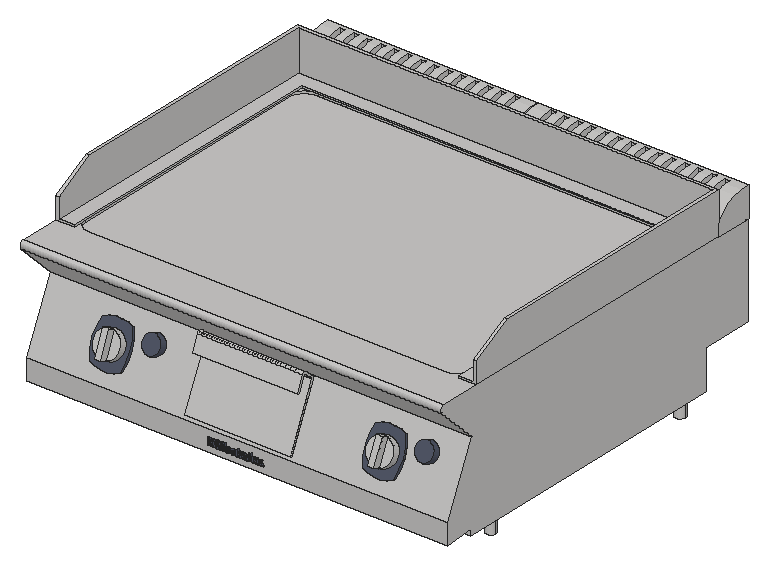
Revit family "QF_ELECTROLUXPROFESSIONAL_371413_E7IIKTAOMEI", category Attrezzature speciali, Revit 2018
Family settings
  Quota connettore circolare = Usa diametro
  Tipo di parte = Normale
  Basato su piano di lavoro = No
  Sempre verticale = Sì
  Taglio con vuoti quando caricato = No
  Condiviso = No
  Punto di calcolo locali = No
Parameters (values of type "Standard")
  Weight = 70.00 kg
  Watts = 0 W
  Volts = 0 V
  URL Manufacturer = "https://www.electroluxprofessional.com/"
  URL = "https://www.electroluxprofessional.com/"
  Steam Supply Size = 0"
  Steam Supply Minimum Pressure = 0.00 psi
  Steam Supply Maximum Pressure = 0.00 psi
  Steam Consumption per Hour = 0
  Show Logo [instance] = yes
  Show Clearance [instance] = yes
  Refrigeration Suction Line Size = 0 mm
  Refrigeration Liquid Line Size = 0 mm
  Refrigerant Compressor Remote = yes
  Phase = 0
  Modello = "E7IIKTAOMEI"
  Produttore = "Electrolux Professional"
  Length Actual = 800 mm  # constant formula
  Item Number = "371413"
  Hot Water Size = 0"
  Height Actual = 250 mm  # constant formula
  HP = "0 HP"
  Gas Size = 1/2"
  Gas KW = 14
  Gas Input Pressure = 0.469158 Btu/h
  Direct Waste Size = 0"
  Descrizione = "GAS FRY TOP-SMOOTH PLATE 800MM-BRUSHED CHROME - QMARK"
  Depth Actual = 730 mm  # constant formula
  Cycle = 0 Hz
  Condensate Return Size = 0"
  Compressed Air Volume = 0 GPM
  Compressed Air Size = 0"
  Compressed Air Pressure = 0.00 psi
  Cold Water Size = 0"
  Base Height [instance] = 23.813 mm  # constant formula
  Assembly Code = ""
  Accessory = yes
Values of the unnamed type that differ from the named types
  Weight = 0.00 kg
  URL Manufacturer = ""
  Item Number = ""
  HP = ""
  Gas KW = 0
  Gas Input Pressure = 0.0 Btu/h
Reference planes
  plane 1 "BACK": y = 0
  plane 2: z = 0
  plane 3 "LEFT": x = 0
  plane 4 "RIGHT": x = 800.1
  plane 5 "FRONT": y = -730.25
  plane 6 "TOP": z = 288.925
  plane 7 "Center Y": x = 400.05
  plane 8 "Center X": y = -365.125
  plane 9 "BASE": z = 23.813
  plane 10 "TOP A": z = 274.638
  plane 11: y = -597.884
  plane 12: y = -147.637
  plane 13: z = 355
Forms (mm)
  Extrusion 1, solid, material "QF_Finishes_Stainless Steel"
    sketch origin (0, 0, 0) x (0, 1, 0) y (0, 0, 1)
      loop
        line (0, 274.638) -> (-722.777, 274.638)
        arc (-722.777, 274.638) -> (-729.6, 270.078) -> (-727.999, 262.03) r 7.386
        line (-727.999, 262.03) -> (-657.416, 191.447) -> (-713.772, 69.003) -> (-713.772, 30.903) -> (-660.4, 36.513) -> (-660.4, 23.812) -> (-101.6, 23.812) -> (-101.6, 98.425) -> (0, 98.425) -> (0, 274.638)
    from 0 to 800.1
  Extrusion 2, void
    sketch origin (0, -2.381, 274.638) x (-1, 0, 0) y (0, -1, 0)
      loop
        arc (-60.425, 102.504) -> (-42.464, 109.943) -> (-35.025, 127.904) r 25.4
        line (-35.025, 127.904) -> (-35.025, 617.104)
        arc (-35.025, 617.104) -> (-42.464, 635.064) -> (-60.425, 642.504) r 25.4
        line (-60.425, 642.504) -> (-739.675, 642.504)
        arc (-739.675, 642.504) -> (-757.636, 635.064) -> (-765.075, 617.104) r 25.4
        line (-765.075, 617.104) -> (-765.075, 127.904)
        arc (-765.075, 127.904) -> (-757.636, 109.943) -> (-739.675, 102.504) r 25.4
        line (-739.675, 102.504) -> (-60.425, 102.504)
    from 0 to -3.2
  Extrusion 3, solid, material "QF_Finishes_Stainless Steel"
    sketch origin (0, 0, 0) x (1, 0, 0) y (0, 1, 0)
      loop
        circle (11.112, -147.638) r 9.525
      loop
        circle (11.112, -597.884) r 9.525
      loop
        circle (788.987, -147.638) r 9.525
      loop
        circle (788.987, -597.884) r 9.525
    from 0 to 23.813
  Extrusion 4, solid, material "QF_Finishes_Stainless Steel"
    sketch origin (0, -101.6, 101.6) x (0, 0, -1) y (-1, 0, 0)
      loop
        circle (43.882, -749.3) r 6.35
    from 0 to 3.175
  Extrusion 5, solid, material "QF_Finishes_Clearance", visible <- "Show Clearance", detail levels coarse
    sketch origin (0, 0, 0) x (1, 0, 0) y (0, 1, 0)
      loop
        line (0, -730.25) -> (0, 0) -> (800.1, 0) -> (800.1, -730.25) -> (950.119, -730.25) -> (950.119, 150.019) -> (-150.019, 150.019) -> (-150.019, -730.25) -> (0, -730.25)
    from 0 to 355
  Sweep 6, solid, material "QF_Finishes_Stainless Steel"
    path origin (0, -2.381, 274.638) x (-1, 0, 0) y (0, -1, 0)
      loop
        line (-765.075, 642.504) -> (-765.075, 102.504) -> (-35.025, 102.504) -> (-35.025, 642.504)
    profile origin (35.025, -374.885, 274.638) x (1, 0, 0) y (0, 0, 1)
      loop
        line (-35.025, 0) -> (0, 0) -> (0, 3.175) -> (-28.675, 3.175) -> (-28.675, 80.363) -> (-35.025, 80.362) -> (-35.025, 0)
  Extrusion 7, void
    sketch origin (0, -69.86, 274.638) x (0, 1, 0) y (0, 0, 1)
      loop
        line (-575.025, 40.481) -> (-501.995, 80.363) -> (-575.025, 80.363) -> (-575.025, 40.481)
    from 0 to 6.35
  Extrusion 8, void
    sketch origin (800.1, -644.885, 274.638) x (0, -1, 0) y (0, 0, 1)
      loop
        line (0, 40.481) -> (0, 80.362) -> (-73.03, 80.362) -> (0, 40.481)
    from 0 to 6.35
  Extrusion 9, solid, material "QF_Finishes_Stainless Steel"
    sketch origin (400.05, 175.397, 1219.2) x (0, 1, 0) y (0, 0, 1)
      loop
        line (-834.228, -1030.828) -> (-850.635, -1014.422)
        arc (-850.635, -1014.422) -> (-855.102, -1013.019) -> (-858.806, -1015.884) r 5.058
        line (-858.806, -1015.884) -> (-871.468, -1043.394) -> (-868.584, -1044.721) -> (-855.922, -1017.211)
        arc (-855.922, -1017.211) -> (-854.543, -1016.145) -> (-852.88, -1016.667) r 1.883
        line (-852.88, -1016.667) -> (-838.037, -1031.51) -> (-888.871, -1141.955) -> (-885.987, -1143.282) -> (-834.228, -1030.828)
    from 100 to -100
  Extrusion 10, solid, material "QF_Finishes_Drawer Clearance", visible <- "Show Clearance", detail levels coarse
    sketch origin (293.7, -101.6, 0) x (0, 1, 0) y (0, 0, 1)
      loop
        line (-660.751, 174.479) -> (-648.089, 201.989)
        arc (-648.089, 201.989) -> (-646.71, 203.055) -> (-645.046, 202.533) r 1.883
        line (-645.046, 202.533) -> (-630.204, 187.69) -> (-681.037, 77.245) -> (-678.153, 75.918) -> (-608.989, 75.918) -> (-557.231, 188.372) -> (-573.638, 204.778)
        arc (-573.638, 204.778) -> (-574.873, 205.685) -> (-576.323, 206.181) r 5.058
        line (-576.323, 206.181) -> (-647.269, 206.181)
        arc (-647.269, 206.181) -> (-649.472, 205.203) -> (-650.973, 203.316) r 5.058
        line (-650.973, 203.316) -> (-663.635, 175.806) -> (-660.751, 174.479)
    from 6.35 to 206.35
  Extrusion 11, solid, material "QF_Finishes_Navy Blue"
    sketch origin (-399.27, -713.772, 69.003) x (0, 0.418102, 0.9084) y (-1, 0, 0)
      loop
        arc (102.623, -510.47) -> (67.041, -502.846) -> (31.333, -509.853) r 90.5
        arc (31.333, -509.853) -> (24.507, -539.04) -> (31.333, -568.228) r 65.817
        arc (31.333, -568.228) -> (67.04, -575.188) -> (102.623, -567.615) r 91.066
        arc (102.623, -567.615) -> (109.179, -539.043) -> (102.623, -510.47) r 65.546
    from 0 to 3.175
  Extrusion 12, solid, material "QF_Finishes_Stainless Steel"
    sketch origin (-20.52, -717.485, 68.529) x (0, 0.418102, 0.9084) y (-1, 0, 0)
      loop
        circle (68.826, -160.963) r 25.4
    from 0 to 12.7
  Extrusion 13, solid, material "QF_Finishes_Stainless Steel"
    sketch origin (-20.52, -729.022, 73.839) x (0, 0.418102, 0.9084) y (-1, 0, 0)
      loop
        arc (93.558, -166.749) -> (94.226, -160.963) -> (93.558, -155.177) r 25.4
        line (93.558, -155.177) -> (44.094, -155.177)
        arc (44.094, -155.177) -> (43.426, -160.963) -> (44.094, -166.749) r 25.4
        line (44.094, -166.749) -> (93.558, -166.749)
    from 0 to 12.7
  Extrusion 14, solid, material "QF_Finishes_Navy Blue"
    sketch origin (97.744, -713.772, 69.003) x (0, 0.418102, 0.9084) y (-1, 0, 0)
      loop
        arc (102.623, -532.67) -> (67.041, -525.046) -> (31.333, -532.053) r 90.5
        arc (31.333, -532.053) -> (24.507, -561.24) -> (31.333, -590.428) r 65.817
        arc (31.333, -590.428) -> (67.04, -597.388) -> (102.623, -589.815) r 91.066
        arc (102.623, -589.815) -> (109.179, -561.243) -> (102.623, -532.67) r 65.546
    from 0 to 3.175
  Extrusion 15, solid, material "QF_Finishes_Stainless Steel"
    sketch origin (498.994, -717.485, 68.529) x (0, 0.418102, 0.9084) y (-1, 0, 0)
      loop
        circle (68.826, -160.963) r 25.4
    from 0 to 12.7
  Extrusion 16, solid, material "QF_Finishes_Stainless Steel"
    sketch origin (498.994, -729.022, 73.839) x (0, 0.418102, 0.9084) y (-1, 0, 0)
      loop
        arc (93.558, -166.749) -> (94.226, -160.963) -> (93.558, -155.177) r 25.4
        line (93.558, -155.177) -> (44.094, -155.177)
        arc (44.094, -155.177) -> (43.426, -160.963) -> (44.094, -166.749) r 25.4
        line (44.094, -166.749) -> (93.558, -166.749)
    from 0 to 12.7
  Extrusion 17, solid, material "QF_Finishes_Navy Blue"
    sketch origin (-100, -703.319, 91.713) x (0, 0.418102, 0.9084) y (-1, 0, 0)
      loop
        circle (65.471, -315.169) r 17.78
    from 0 to 12.7
  Extrusion 18, solid, material "QF_Finishes_Navy Blue"
    sketch origin (397.014, -703.319, 91.713) x (0, 0.418102, 0.9084) y (-1, 0, 0)
      loop
        circle (65.471, -337.369) r 17.78
    from 0 to 12.7
  Extrusion 19, solid, material "QF_Finishes_Stainless Steel"
    sketch origin (0, 0, 0) x (0, 1, 0) y (0, 0, 1)
      loop
        line (0, 274.638) -> (0, 331.738)
        arc (0, 331.738) -> (-38.857, 324.552) -> (-69.85, 300.038) r 82.056
        line (-69.85, 300.038) -> (-69.85, 274.638) -> (0, 274.638)
    from 0 to 400.05
  Extrusion 20, void
    sketch origin (0, 0, 274.638) x (0, -1, 0) y (1, 0, 0)
      loop
        line (6.761, 29.703) -> (63.911, 29.703) -> (63.911, 38.999) -> (6.761, 38.999) -> (6.761, 29.703)
      loop
        line (63.911, 64.487) -> (6.761, 64.487) -> (6.761, 55.191) -> (63.911, 55.191) -> (63.911, 64.487)
      loop
        line (63.911, 89.975) -> (6.761, 89.975) -> (6.761, 80.68) -> (63.911, 80.68) -> (63.911, 89.975)
      loop
        line (63.911, 115.464) -> (6.761, 115.464) -> (6.761, 106.168) -> (63.911, 106.168) -> (63.911, 115.464)
      loop
        line (63.911, 140.952) -> (6.761, 140.952) -> (6.761, 131.656) -> (63.911, 131.656) -> (63.911, 140.952)
      loop
        line (63.911, 166.44) -> (6.761, 166.44) -> (6.761, 157.145) -> (63.911, 157.145) -> (63.911, 166.44)
      loop
        line (63.911, 191.929) -> (6.761, 191.929) -> (6.761, 182.633) -> (63.911, 182.633) -> (63.911, 191.929)
      loop
        line (63.911, 217.417) -> (6.761, 217.417) -> (6.761, 208.121) -> (63.911, 208.121) -> (63.911, 217.417)
      loop
        line (63.911, 242.905) -> (6.761, 242.905) -> (6.761, 233.61) -> (63.911, 233.61) -> (63.911, 242.905)
      loop
        line (63.911, 268.394) -> (6.761, 268.394) -> (6.761, 259.098) -> (63.911, 259.098) -> (63.911, 268.394)
      loop
        line (63.911, 293.882) -> (6.761, 293.882) -> (6.761, 284.586) -> (63.911, 284.586) -> (63.911, 293.882)
      loop
        line (63.911, 319.37) -> (6.761, 319.37) -> (6.761, 310.075) -> (63.911, 310.075) -> (63.911, 319.37)
      loop
        line (63.911, 344.859) -> (6.761, 344.859) -> (6.761, 335.563) -> (63.911, 335.563) -> (63.911, 344.859)
      loop
        line (63.911, 370.347) -> (6.761, 370.347) -> (6.761, 361.051) -> (63.911, 361.051) -> (63.911, 370.347)
    from 25.4 to 63.5
  Extrusion 21, solid, material "QF_Finishes_Stainless Steel"
    sketch origin (400.05, 0, 0) x (0, 1, 0) y (0, 0, 1)
      loop
        line (0, 274.638) -> (0, 331.738)
        arc (0, 331.738) -> (-38.857, 324.552) -> (-69.85, 300.038) r 82.056
        line (-69.85, 300.038) -> (-69.85, 274.638) -> (0, 274.638)
    from 0 to 400.05
  Extrusion 22, void
    sketch origin (400.05, 0, 274.638) x (0, -1, 0) y (1, 0, 0)
      loop
        line (6.761, 29.703) -> (63.911, 29.703) -> (63.911, 38.999) -> (6.761, 38.999) -> (6.761, 29.703)
      loop
        line (63.911, 64.487) -> (6.761, 64.487) -> (6.761, 55.191) -> (63.911, 55.191) -> (63.911, 64.487)
      loop
        line (63.911, 89.975) -> (6.761, 89.975) -> (6.761, 80.68) -> (63.911, 80.68) -> (63.911, 89.975)
      loop
        line (63.911, 115.464) -> (6.761, 115.464) -> (6.761, 106.168) -> (63.911, 106.168) -> (63.911, 115.464)
      loop
        line (63.911, 140.952) -> (6.761, 140.952) -> (6.761, 131.656) -> (63.911, 131.656) -> (63.911, 140.952)
      loop
        line (63.911, 166.44) -> (6.761, 166.44) -> (6.761, 157.145) -> (63.911, 157.145) -> (63.911, 166.44)
      loop
        line (63.911, 191.929) -> (6.761, 191.929) -> (6.761, 182.633) -> (63.911, 182.633) -> (63.911, 191.929)
      loop
        line (63.911, 217.417) -> (6.761, 217.417) -> (6.761, 208.121) -> (63.911, 208.121) -> (63.911, 217.417)
      loop
        line (63.911, 242.905) -> (6.761, 242.905) -> (6.761, 233.61) -> (63.911, 233.61) -> (63.911, 242.905)
      loop
        line (63.911, 268.394) -> (6.761, 268.394) -> (6.761, 259.098) -> (63.911, 259.098) -> (63.911, 268.394)
      loop
        line (63.911, 293.882) -> (6.761, 293.882) -> (6.761, 284.586) -> (63.911, 284.586) -> (63.911, 293.882)
      loop
        line (63.911, 319.37) -> (6.761, 319.37) -> (6.761, 310.075) -> (63.911, 310.075) -> (63.911, 319.37)
      loop
        line (63.911, 344.859) -> (6.761, 344.859) -> (6.761, 335.563) -> (63.911, 335.563) -> (63.911, 344.859)
      loop
        line (63.911, 370.347) -> (6.761, 370.347) -> (6.761, 361.051) -> (63.911, 361.051) -> (63.911, 370.347)
    from 25.4 to 63.5
  Extrusion 23, solid, material "QF_Finishes_Navy Blue", visible <- "Show Logo"
    sketch origin (57.669, -713.772, 35.665) x (0, 0, 1) y (-1, 0, 0)
      loop
        line (20.674, -296.698) -> (8.307, -296.698)
        arc (8.307, -296.698) -> (14.491, -301.27) -> (20.674, -296.698) r 6.467
      loop
        arc (20.674, -296.069) -> (19.505, -290.926) -> (14.849, -288.448) r 6.338
        line (14.849, -288.448) -> (14.849, -290.494)
        arc (14.849, -290.494) -> (16.333, -294.149) -> (19.778, -296.069) r 5.941
        line (19.778, -296.069) -> (20.674, -296.069)
      loop
        arc (9.203, -296.069) -> (12.648, -294.149) -> (14.132, -290.494) r 5.941
        line (14.132, -290.494) -> (14.132, -288.448)
        arc (14.132, -288.448) -> (9.438, -290.922) -> (8.148, -296.069) r 6.504
        line (8.148, -296.069) -> (9.203, -296.069)
      loop
        line (21.349, -287.979) -> (7.604, -287.979) -> (7.604, -301.742) -> (21.349, -301.742) -> (21.349, -287.979)
      loop
        arc (21.432, -304.71) -> (21.085, -304.352) -> (20.718, -304.69) r 0.358
        arc (20.718, -304.69) -> (20.404, -305.44) -> (19.687, -305.825) r 1.216
        line (19.687, -305.825) -> (9.274, -305.825)
        arc (9.274, -305.825) -> (8.614, -305.548) -> (8.218, -304.951) r 1.238
        arc (8.218, -304.951) -> (7.823, -304.7) -> (7.518, -305.054) r 0.358
        line (7.518, -305.054) -> (7.518, -314.933) -> (10.269, -314.933) -> (10.269, -314.036)
        arc (10.269, -314.036) -> (9.36, -313.456) -> (8.904, -312.479) r 1.928
        line (8.904, -312.479) -> (8.904, -309.98)
        arc (8.904, -309.98) -> (9.18, -309.251) -> (9.868, -308.887) r 1.101
        line (9.868, -308.887) -> (13.955, -308.887) -> (13.955, -312.561)
        arc (13.955, -312.561) -> (13.602, -313.058) -> (13.037, -313.286) r 1.083
        arc (13.037, -313.286) -> (12.773, -313.591) -> (13.065, -313.869) r 0.292
        line (13.065, -313.869) -> (16.028, -313.869)
        arc (16.028, -313.869) -> (16.33, -313.596) -> (16.092, -313.266) r 0.305
        arc (16.092, -313.266) -> (15.601, -313.018) -> (15.296, -312.561) r 1.083
        line (15.296, -312.561) -> (15.296, -308.887) -> (19.973, -308.887) -> (19.973, -312.635)
        arc (19.973, -312.635) -> (19.759, -313.39) -> (19.153, -313.888) r 1.314
        arc (19.153, -313.888) -> (18.934, -314.292) -> (19.288, -314.585) r 0.361
        line (19.288, -314.585) -> (21.432, -314.585) -> (21.432, -304.71)
      loop
        arc (20.715, -315.365) -> (20.335, -316.284) -> (19.416, -316.664) r 1.299
        line (19.416, -316.664) -> (9.837, -316.664)
        arc (9.837, -316.664) -> (8.999, -316.286) -> (8.728, -315.408) r 1.118
        line (8.728, -315.408) -> (7.518, -315.408) -> (7.518, -320.758) -> (8.706, -320.758)
        arc (8.706, -320.758) -> (8.978, -319.841) -> (9.848, -319.445) r 1.153
        line (9.848, -319.445) -> (21.92, -319.445) -> (20.715, -315.365)
      loop
        line (12.483, -323.394) -> (12.483, -329.842) -> (13.282, -329.842)
        arc (13.282, -329.842) -> (15.862, -328.857) -> (17.131, -326.404) r 3.874
        line (17.131, -326.404) -> (17.131, -324.643)
        arc (17.131, -324.643) -> (15.944, -321.778) -> (13.08, -320.592) r 4.051
        line (13.08, -320.592) -> (11.072, -320.592)
        arc (11.072, -320.592) -> (8.253, -322.077) -> (7.202, -325.084) r 4.352
        arc (7.202, -325.084) -> (7.566, -327.547) -> (8.943, -329.621) r 5.713
        line (8.943, -329.621) -> (9.892, -329.621)
        arc (9.892, -329.621) -> (9.16, -328.052) -> (8.943, -326.334) r 5.579
        arc (8.943, -326.334) -> (9.737, -324.371) -> (11.616, -323.394) r 3.057
        line (11.616, -323.394) -> (12.483, -323.394)
      loop
        line (13.742, -323.394) -> (13.742, -326.977)
        arc (13.742, -326.977) -> (15.199, -327.024) -> (16.082, -325.864) r 1.59
        line (16.082, -325.864) -> (16.082, -325.034)
        arc (16.082, -325.034) -> (15.217, -323.779) -> (13.742, -323.394) r 2.184
      loop
        arc (16.533, -339.259) -> (17.022, -337.585) -> (17.179, -335.848) r 9.023
        line (17.179, -335.848) -> (17.179, -334.486)
        arc (17.179, -334.486) -> (16.02, -331.686) -> (13.22, -330.527) r 3.959
        line (13.22, -330.527) -> (10.62, -330.527)
        arc (10.62, -330.527) -> (8.338, -331.819) -> (7.221, -334.192) r 4.331
        line (7.221, -334.192) -> (7.221, -336.327)
        arc (7.221, -336.327) -> (7.729, -337.877) -> (8.651, -339.223) r 5.772
        arc (8.651, -339.223) -> (9.412, -339.274) -> (9.499, -338.515) r 0.553
        arc (9.499, -338.515) -> (9.111, -337.781) -> (8.977, -336.962) r 2.573
        line (8.977, -336.962) -> (8.977, -335.447)
        arc (8.977, -335.447) -> (9.983, -333.806) -> (11.798, -333.163) r 2.884
        line (11.798, -333.163) -> (13.077, -333.163)
        arc (13.077, -333.163) -> (14.898, -333.723) -> (15.824, -335.388) r 2.554
        line (15.824, -335.388) -> (15.824, -336.441)
        arc (15.824, -336.441) -> (15.493, -337.369) -> (14.836, -338.104) r 2.564
        arc (14.836, -338.104) -> (14.614, -338.821) -> (15.223, -339.259) r 0.643
        line (15.223, -339.259) -> (16.533, -339.259)
      loop
        line (15.515, -339.53) -> (15.515, -341.031) -> (9.467, -341.031)
        arc (9.467, -341.031) -> (7.879, -341.688) -> (7.221, -343.276) r 2.246
        line (7.221, -343.276) -> (7.221, -344.86)
        arc (7.221, -344.86) -> (7.535, -345.725) -> (8.035, -346.496) r 4.06
        arc (8.035, -346.496) -> (8.768, -346.629) -> (9.019, -345.928) r 0.576
        arc (9.019, -345.928) -> (8.913, -345.403) -> (8.977, -344.87) r 1.69
        arc (8.977, -344.87) -> (9.519, -344.082) -> (10.425, -343.779) r 1.506
        line (10.425, -343.779) -> (15.563, -343.779) -> (15.563, -346.176) -> (16.119, -346.733) -> (16.941, -346.733) -> (16.941, -343.873) -> (20.172, -343.873) -> (15.515, -339.53)
      loop
        line (7.438, -347.63) -> (7.438, -353.017) -> (8.548, -353.017)
        arc (8.548, -353.017) -> (8.942, -352.066) -> (9.893, -351.672) r 1.345
        line (9.893, -351.672) -> (13.509, -351.672)
        arc (13.509, -351.672) -> (14.274, -352.264) -> (14.564, -353.186) r 1.615
        line (14.564, -353.186) -> (14.564, -354.742) -> (17.119, -355.427) -> (17.119, -354.044) -> (15.177, -351.485) -> (17.057, -351.485) -> (16.773, -348.779)
        arc (16.773, -348.779) -> (16.333, -348.249) -> (15.674, -348.45) r 0.621
        arc (15.674, -348.45) -> (15.274, -348.792) -> (14.78, -348.975) r 1.501
        line (14.78, -348.975) -> (9.893, -348.975)
        arc (9.893, -348.975) -> (8.942, -348.581) -> (8.548, -347.63) r 1.345
        line (8.548, -347.63) -> (7.438, -347.63)
      loop
        line (13.54, -354.964) -> (10.848, -354.964)
        arc (10.848, -354.964) -> (8.403, -356.272) -> (7.269, -358.803) r 4.288
        arc (7.269, -358.803) -> (7.205, -360.183) -> (7.269, -361.563) r 15.022
        arc (7.269, -361.563) -> (8.403, -364.094) -> (10.848, -365.401) r 4.288
        line (10.848, -365.401) -> (13.54, -365.401)
        arc (13.54, -365.401) -> (15.986, -364.094) -> (17.119, -361.563) r 4.288
        arc (17.119, -361.563) -> (17.183, -360.183) -> (17.119, -358.803) r 15.022
        arc (17.119, -358.803) -> (15.986, -356.272) -> (13.54, -354.964) r 4.288
      loop
        line (13.745, -358.078) -> (10.643, -358.078)
        arc (10.643, -358.078) -> (8.486, -360.235) -> (10.643, -362.392) r 2.157
        line (10.643, -362.392) -> (13.745, -362.392)
        arc (13.745, -362.392) -> (15.902, -360.235) -> (13.745, -358.078) r 2.157
      loop
        arc (20.726, -365.26) -> (20.355, -366.154) -> (19.461, -366.524) r 1.264
        line (19.461, -366.524) -> (9.597, -366.524)
        arc (9.597, -366.524) -> (8.727, -366.127) -> (8.455, -365.211) r 1.153
        line (8.455, -365.211) -> (7.518, -365.211) -> (7.518, -370.319) -> (8.446, -370.319)
        arc (8.446, -370.319) -> (8.805, -369.547) -> (9.597, -369.232) r 1.153
        line (9.597, -369.232) -> (21.92, -369.232) -> (20.726, -365.26)
      loop
        arc (15.846, -369.857) -> (15.647, -370.921) -> (14.678, -371.403) r 1.215
        line (14.678, -371.403) -> (9.658, -371.403)
        arc (9.658, -371.403) -> (8.043, -372.051) -> (7.322, -373.634) r 2.338
        line (7.322, -373.634) -> (7.322, -375.148)
        arc (7.322, -375.148) -> (7.497, -376.152) -> (7.999, -377.038) r 2.979
        line (7.999, -377.038) -> (7.518, -378.835) -> (7.518, -380.524) -> (16.943, -380.524) -> (16.649, -376.32) -> (15.863, -376.32)
        arc (15.863, -376.32) -> (15.507, -377.156) -> (14.755, -377.665) r 1.605
        line (14.755, -377.665) -> (9.652, -377.665)
        arc (9.652, -377.665) -> (9.232, -376.728) -> (9.159, -375.704) r 2.94
        arc (9.159, -375.704) -> (9.72, -374.603) -> (10.873, -374.16) r 1.724
        line (10.873, -374.16) -> (17.07, -374.16) -> (15.846, -369.857)
      loop
        line (16.874, -381.377) -> (15.202, -383.423) -> (12.028, -385.729) -> (8.572, -382.617)
        arc (8.572, -382.617) -> (8.335, -382.223) -> (8.357, -381.764) r 0.789
        line (8.357, -381.764) -> (7.518, -381.764) -> (7.518, -385.309) -> (8.344, -385.309)
        arc (8.344, -385.309) -> (8.686, -384.947) -> (9.176, -385.039) r 0.52
        line (9.176, -385.039) -> (10.976, -386.51) -> (8.858, -387.886)
        arc (8.858, -387.886) -> (8.457, -387.576) -> (8.37, -387.076) r 0.7
        line (8.37, -387.076) -> (7.518, -387.076) -> (7.518, -393.003) -> (8.405, -393.003)
        arc (8.405, -393.003) -> (8.472, -392.344) -> (8.866, -391.813) r 1.247
        line (8.866, -391.813) -> (13.066, -388.532) -> (15.513, -390.585) -> (16.874, -392.327) -> (16.874, -388.604) -> (15.389, -389.026) -> (13.868, -387.749) -> (15.568, -386.559) -> (16.874, -387.336) -> (16.874, -381.377)
    from 0 to 1.644
Cuts and joins
  Extrusion 2 cuts Extrusion 1
  Extrusion 7, Extrusion 8 cuts Sweep 6
  Extrusion 20 cuts Extrusion 19
  Extrusion 22 cuts Extrusion 21
Lines and regions (mm)
  symbolic lines, style "QF-Clearances", visible <- "Show Clearance", detail levels coarse
    curve 1: line (-150.019, 150.019, 274.638) -> (-150.019, -730.25, 274.638)
    curve 2: line (950.119, 150.019, 274.638) -> (-150.019, 150.019, 274.638)
    curve 3: line (950.119, -731.627, 274.638) -> (950.119, 150.019, 274.638)
  symbolic lines
    curve 4: line (0, 0, 274.638) -> (800.1, 0, 274.638)
    curve 5: line (0, -730.25, 274.638) -> (0, 0, 274.638)
    curve 6: line (800.1, 0, 274.638) -> (800.1, -730.25, 274.638)
    curve 7: line (35.025, -104.885, 274.638) -> (35.025, -644.885, 274.638)
    curve 8: arc (35.025, -619.485, 274.638) -> (42.464, -637.445, 274.638) -> (60.425, -644.885, 274.638) r 25.4
    curve 9: line (0, -644.885, 274.638) -> (35.025, -644.885, 274.638)
    curve 10: arc (739.315, -644.885, 274.638) -> (757.836, -637.213, 274.638) -> (765.507, -618.692, 274.638) r 26.193
    curve 11: line (765.507, -644.885, 274.638) -> (765.507, -104.885, 274.638)
    curve 12: line (765.507, -104.885, 274.638) -> (35.025, -104.885, 274.638)
    curve 13: line (0, -69.85, 274.638) -> (800.1, -69.85, 274.638)
    curve 14: line (800.1, -730.25, 274.638) -> (0, -730.25, 274.638)
    curve 15: arc (64.125, -104.885, 274.638) -> (43.548, -113.408, 274.638) -> (35.025, -133.985, 274.638) r 29.1
    curve 16: arc (739.963, -104.885, 274.638) -> (758.026, -112.367, 274.638) -> (765.507, -130.429, 274.638) r 25.544
    curve 17: line (6.35, -76.21, 274.638) -> (6.35, -644.885, 274.638)
    curve 18: line (6.35, -76.21, 274.638) -> (793.75, -76.21, 274.638)
    curve 19: line (793.75, -76.21, 274.638) -> (793.75, -644.885, 274.638)
    curve 20: line (765.507, -644.885, 274.638) -> (800.1, -644.885, 274.638)
    curve 21: line (60.425, -644.885, 274.638) -> (739.315, -644.885, 274.638)
    curve 25: line (0, 0, 274.638) -> (800.1, 0, 274.638)
    curve 26: line (0, -69.85, 274.638) -> (800.1, -69.85, 274.638)
    curve 27: line (29.703, -6.761, 0) -> (38.999, -6.761, 0)
    curve 28: line (29.703, -63.911, 0) -> (29.703, -6.761, 0)
    curve 29: line (38.999, -63.911, 0) -> (29.703, -63.911, 0)
    curve 30: line (38.999, -6.761, 0) -> (38.999, -63.911, 0)
    curve 31: line (55.191, -6.761, 0) -> (64.487, -6.761, 0)
    curve 32: line (55.191, -63.911, 0) -> (55.191, -6.761, 0)
    curve 33: line (64.487, -63.911, 0) -> (55.191, -63.911, 0)
    curve 34: line (64.487, -6.761, 0) -> (64.487, -63.911, 0)
    curve 35: line (80.68, -6.761, 0) -> (89.975, -6.761, 0)
    curve 36: line (80.68, -63.911, 0) -> (80.68, -6.761, 0)
    curve 37: line (89.975, -63.911, 0) -> (80.68, -63.911, 0)
    curve 38: line (89.975, -6.761, 0) -> (89.975, -63.911, 0)
    curve 39: line (106.168, -6.761, 0) -> (115.464, -6.761, 0)
    curve 40: line (106.168, -63.911, 0) -> (106.168, -6.761, 0)
    curve 41: line (115.464, -63.911, 0) -> (106.168, -63.911, 0)
    curve 42: line (115.464, -6.761, 0) -> (115.464, -63.911, 0)
    curve 43: line (131.656, -6.761, 0) -> (140.952, -6.761, 0)
    curve 44: line (131.656, -63.911, 0) -> (131.656, -6.761, 0)
    curve 45: line (140.952, -63.911, 0) -> (131.656, -63.911, 0)
    curve 46: line (140.952, -6.761, 0) -> (140.952, -63.911, 0)
    curve 47: line (157.145, -6.761, 0) -> (166.44, -6.761, 0)
    curve 48: line (157.145, -63.911, 0) -> (157.145, -6.761, 0)
    curve 49: line (166.44, -63.911, 0) -> (157.145, -63.911, 0)
    curve 50: line (166.44, -6.761, 0) -> (166.44, -63.911, 0)
    curve 51: line (182.633, -6.761, 0) -> (191.929, -6.761, 0)
    curve 52: line (182.633, -63.911, 0) -> (182.633, -6.761, 0)
    curve 53: line (191.929, -63.911, 0) -> (182.633, -63.911, 0)
    curve 54: line (191.929, -6.761, 0) -> (191.929, -63.911, 0)
    curve 55: line (208.121, -6.761, 0) -> (217.417, -6.761, 0)
    curve 56: line (208.121, -63.911, 0) -> (208.121, -6.761, 0)
    curve 57: line (217.417, -63.911, 0) -> (208.121, -63.911, 0)
    curve 58: line (217.417, -6.761, 0) -> (217.417, -63.911, 0)
    curve 59: line (233.61, -6.761, 0) -> (242.905, -6.761, 0)
    curve 60: line (233.61, -63.911, 0) -> (233.61, -6.761, 0)
    curve 61: line (242.905, -63.911, 0) -> (233.61, -63.911, 0)
    curve 62: line (242.905, -6.761, 0) -> (242.905, -63.911, 0)
    curve 63: line (259.098, -6.761, 0) -> (268.394, -6.761, 0)
    curve 64: line (259.098, -63.911, 0) -> (259.098, -6.761, 0)
    curve 65: line (268.394, -63.911, 0) -> (259.098, -63.911, 0)
    curve 66: line (268.394, -6.761, 0) -> (268.394, -63.911, 0)
    curve 67: line (284.586, -6.761, 0) -> (293.882, -6.761, 0)
    curve 68: line (284.586, -63.911, 0) -> (284.586, -6.761, 0)
    curve 69: line (293.882, -63.911, 0) -> (284.586, -63.911, 0)
    curve 70: line (293.882, -6.761, 0) -> (293.882, -63.911, 0)
    curve 71: line (310.075, -6.761, 0) -> (319.37, -6.761, 0)
    curve 72: line (310.075, -63.911, 0) -> (310.075, -6.761, 0)
    curve 73: line (319.37, -63.911, 0) -> (310.075, -63.911, 0)
    curve 74: line (319.37, -6.761, 0) -> (319.37, -63.911, 0)
    curve 75: line (335.563, -6.761, 0) -> (344.859, -6.761, 0)
    curve 76: line (335.563, -63.911, 0) -> (335.563, -6.761, 0)
    curve 77: line (344.859, -63.911, 0) -> (335.563, -63.911, 0)
    curve 78: line (344.859, -6.761, 0) -> (344.859, -63.911, 0)
    curve 79: line (361.051, -6.761, 0) -> (370.347, -6.761, 0)
    curve 80: line (361.051, -63.911, 0) -> (361.051, -6.761, 0)
    curve 81: line (370.347, -63.911, 0) -> (361.051, -63.911, 0)
    curve 82: line (370.347, -6.761, 0) -> (370.347, -63.911, 0)
    curve 83: line (400.05, 0, 0) -> (400.05, -69.85, 0)
    curve 84: line (770.397, -6.761, 0) -> (761.101, -6.761, 0)
    curve 85: line (770.397, -63.911, 0) -> (770.397, -6.761, 0)
    curve 86: line (761.101, -63.911, 0) -> (770.397, -63.911, 0)
    curve 87: line (761.101, -6.761, 0) -> (761.101, -63.911, 0)
    curve 88: line (744.909, -6.761, 0) -> (735.613, -6.761, 0)
    curve 89: line (744.909, -63.911, 0) -> (744.909, -6.761, 0)
    curve 90: line (735.613, -63.911, 0) -> (744.909, -63.911, 0)
    curve 91: line (735.613, -6.761, 0) -> (735.613, -63.911, 0)
    curve 92: line (719.42, -6.761, 0) -> (710.125, -6.761, 0)
    curve 93: line (719.42, -63.911, 0) -> (719.42, -6.761, 0)
    curve 94: line (710.125, -63.911, 0) -> (719.42, -63.911, 0)
    curve 95: line (710.125, -6.761, 0) -> (710.125, -63.911, 0)
    curve 96: line (693.932, -6.761, 0) -> (684.636, -6.761, 0)
    curve 97: line (693.932, -63.911, 0) -> (693.932, -6.761, 0)
    curve 98: line (684.636, -63.911, 0) -> (693.932, -63.911, 0)
    curve 99: line (684.636, -6.761, 0) -> (684.636, -63.911, 0)
    curve 100: line (668.444, -6.761, 0) -> (659.148, -6.761, 0)
    curve 101: line (668.444, -63.911, 0) -> (668.444, -6.761, 0)
    curve 102: line (659.148, -63.911, 0) -> (668.444, -63.911, 0)
    curve 103: line (659.148, -6.761, 0) -> (659.148, -63.911, 0)
    curve 104: line (642.955, -6.761, 0) -> (633.66, -6.761, 0)
    curve 105: line (642.955, -63.911, 0) -> (642.955, -6.761, 0)
    curve 106: line (633.66, -63.911, 0) -> (642.955, -63.911, 0)
    curve 107: line (633.66, -6.761, 0) -> (633.66, -63.911, 0)
    curve 108: line (617.467, -6.761, 0) -> (608.171, -6.761, 0)
    curve 109: line (617.467, -63.911, 0) -> (617.467, -6.761, 0)
    curve 110: line (608.171, -63.911, 0) -> (617.467, -63.911, 0)
    curve 111: line (608.171, -6.761, 0) -> (608.171, -63.911, 0)
    curve 112: line (591.979, -6.761, 0) -> (582.683, -6.761, 0)
    curve 113: line (591.979, -63.911, 0) -> (591.979, -6.761, 0)
    curve 114: line (582.683, -63.911, 0) -> (591.979, -63.911, 0)
    curve 115: line (582.683, -6.761, 0) -> (582.683, -63.911, 0)
    curve 116: line (566.49, -6.761, 0) -> (557.195, -6.761, 0)
    curve 117: line (566.49, -63.911, 0) -> (566.49, -6.761, 0)
    curve 118: line (557.195, -63.911, 0) -> (566.49, -63.911, 0)
    curve 119: line (557.195, -6.761, 0) -> (557.195, -63.911, 0)
    curve 120: line (541.002, -6.761, 0) -> (531.706, -6.761, 0)
    curve 121: line (541.002, -63.911, 0) -> (541.002, -6.761, 0)
    curve 122: line (531.706, -63.911, 0) -> (541.002, -63.911, 0)
    curve 123: line (531.706, -6.761, 0) -> (531.706, -63.911, 0)
    curve 124: line (515.514, -6.761, 0) -> (506.218, -6.761, 0)
    curve 125: line (515.514, -63.911, 0) -> (515.514, -6.761, 0)
    curve 126: line (506.218, -63.911, 0) -> (515.514, -63.911, 0)
    curve 127: line (506.218, -6.761, 0) -> (506.218, -63.911, 0)
    curve 128: line (490.025, -6.761, 0) -> (480.73, -6.761, 0)
    curve 129: line (490.025, -63.911, 0) -> (490.025, -6.761, 0)
    curve 130: line (480.73, -63.911, 0) -> (490.025, -63.911, 0)
    curve 131: line (480.73, -6.761, 0) -> (480.73, -63.911, 0)
    curve 132: line (464.537, -6.761, 0) -> (455.241, -6.761, 0)
    curve 133: line (464.537, -63.911, 0) -> (464.537, -6.761, 0)
    curve 134: line (455.241, -63.911, 0) -> (464.537, -63.911, 0)
    curve 135: line (455.241, -6.761, 0) -> (455.241, -63.911, 0)
    curve 136: line (439.049, -6.761, 0) -> (429.753, -6.761, 0)
    curve 137: line (439.049, -63.911, 0) -> (439.049, -6.761, 0)
    curve 138: line (429.753, -63.911, 0) -> (439.049, -63.911, 0)
    curve 139: line (429.753, -6.761, 0) -> (429.753, -63.911, 0)
  symbolic lines, style "QF_Drawer Clearance"
    curve 22: line (300.05, -782.637, 0) -> (300.05, -730.25, 0)
    curve 23: line (300.05, -782.637, 0) -> (500.05, -782.637, 0)
    curve 24: line (500.05, -782.637, 0) -> (500.05, -730.25, 0)
Dimensions and locks
  equal spacing: plane 3 "LEFT", plane 7 "Center Y", plane 4 "RIGHT"
  plane 3 "LEFT" to plane 4 "RIGHT" = 800.1 mm
  equal spacing: plane 5 "FRONT", plane 8 "Center X", plane 1 "BACK"
  plane 5 "FRONT" to plane 1 "BACK" = 730.25 mm
  plane 1 "BACK" to plane 5 "FRONT" = 730.25 mm
  "Base Height": plane 9 "BASE" to level
  locked: plane 10 "TOP A" to plane 9 "BASE" at 250.825
  plane 4 "RIGHT" to Extrusion 4 sketch curve = 50.8 mm
  Sweep 6 sketch curve to level = 355 mm
  plane 10 "TOP A" to plane 9 "BASE" = 250.825 mm
  plane 9 "BASE" to level = 23.813 mm
  plane 9 "BASE" to cut or joined group of Extrusion 1, Extrusion 2 = 74.612 mm
  plane 13 to level = 355 mm
  aligned and locked: level to plane 2
  aligned and locked: plane 4 "RIGHT" to Extrusion 1
  aligned and locked: Extrusion 3 to plane 9 "BASE"
  aligned: plane 6 "TOP" to Extrusion 5
Automatic sketch dimensions
  Extrusion 2 sketch curve to plane 4 "RIGHT" = 35.025 mm
  Extrusion 2 sketch curve to Extrusion 2 sketch curve = 25.4 mm  (x3)
  Extrusion 2 sketch curve to plane 12 = 17.353 mm
  plane 3 "LEFT" to Extrusion 2 sketch curve = 60.425 mm  (x2)
  plane 11 to Extrusion 2 sketch curve = 21.6 mm
  plane 11 to Extrusion 3 sketch curve = 0 mm  (x2)
  plane 12 to Extrusion 3 sketch curve = 0 mm  (x2)
  plane 3 "LEFT" to Extrusion 3 sketch curve = 11.112 mm  (x2)
  Extrusion 3 sketch curve to plane 4 "RIGHT" = 11.113 mm  (x2)
  Extrusion 1 to Extrusion 4 sketch curve = 33.906 mm
  plane 1 "BACK" to Extrusion 5 sketch curve = 0 mm
  Extrusion 5 sketch curve to plane 3 "LEFT" = 0 mm
  Extrusion 5 sketch curve to plane 4 "RIGHT" = 0 mm
  Extrusion 5 sketch curve to plane 3 "LEFT" = 150.019 mm
  plane 5 "FRONT" to Extrusion 5 sketch curve = 0 mm  (x2)
  plane 4 "RIGHT" to Extrusion 5 sketch curve = 150.019 mm
  Extrusion 5 sketch curve to plane 1 "BACK" = 150.019 mm
  curve 20 to plane 4 "RIGHT" = 0 mm
  curve 14 to plane 3 "LEFT" = 0 mm
  plane 1 "BACK" to curve 5 = 0 mm
  plane 4 "RIGHT" to curve 3 = 150.019 mm
  curve 19 to plane 4 "RIGHT" = 6.35 mm
  curve 19 to curve 20 = 28.243 mm
  curve 11 to curve 16 = 25.544 mm
  curve 11 to curve 21 = 26.193 mm
  curve 21 to curve 9 = 60.425 mm
  curve 15 to plane 12 = 13.653 mm
  curve 15 to curve 15 = 29.1 mm
  curve 17 to curve 9 = 6.35 mm
  plane 5 "FRONT" to curve 1 = 0 mm
  curve 1 to plane 3 "LEFT" = 150.019 mm
  curve 2 to plane 1 "BACK" = 150.019 mm
  curve 13 to curve 18 = 6.36 mm
  plane 11 to curve 10 = 20.807 mm
  curve 10 to curve 20 = 26.193 mm
  curve 8 to curve 17 = 25.4 mm
  curve 6 to plane 5 "FRONT" = 0 mm
  plane 5 "FRONT" to curve 3 = 1.377 mm
  Sweep 6 sketch curve to plane 4 "RIGHT" = 35.025 mm
  plane 3 "LEFT" to Sweep 6 sketch curve = 35.025 mm
  Sweep 6 sketch curve to plane 12 = 42.753 mm
  plane 11 to Sweep 6 sketch curve = 47 mm  (x2)
  Sweep 6 sketch curve to plane 10 "TOP A" = 0 mm
  profile plane to Sweep 6 sketch curve = 0 mm
  profile plane to Sweep 6 sketch curve = 28.675 mm
  Sweep 6 sketch curve to Sweep 6 sketch curve = 6.35 mm
  plane 10 "TOP A" to Sweep 6 sketch curve = 3.175 mm
  Extrusion 7 sketch curve to Sweep 6 = 0 mm  (x2)
  Extrusion 7 sketch curve to Sweep 6 = 73.03 mm
  Extrusion 7 sketch curve to Extrusion 7 sketch curve = 39.881 mm
  Sweep 6 to Extrusion 8 sketch curve = 0 mm
  Extrusion 8 sketch curve to Sweep 6 = 0 mm
  Extrusion 8 sketch curve to Sweep 6 = 73.03 mm
  Extrusion 8 sketch curve to Extrusion 8 sketch curve = 39.881 mm
  Extrusion 9 sketch curve to Extrusion 9 sketch curve = 0 mm  (x2)
  Extrusion 9 sketch curve to plane 5 "FRONT" = 16.776 mm
  Extrusion 9 sketch curve to Extrusion 9 sketch curve = 2.884 mm  (x3)
  Extrusion 9 sketch curve to plane 5 "FRONT" = 34.179 mm
  Extrusion 9 sketch curve to Extrusion 9 sketch curve = 12.662 mm
  Extrusion 9 sketch curve to Extrusion 9 sketch curve = 1.711 mm
  Extrusion 9 sketch curve to Extrusion 9 sketch curve = 1.332 mm
  Extrusion 9 sketch curve to Extrusion 9 sketch curve = 2.245 mm
  Extrusion 9 sketch curve to Extrusion 9 sketch curve = 14.843 mm
  Extrusion 9 sketch curve to Extrusion 9 sketch curve = 3.809 mm
  plane 9 "BASE" to Extrusion 9 sketch curve = 52.105 mm
  Extrusion 9 sketch curve to Extrusion 9 sketch curve = 1.327 mm  (x2)
  Extrusion 9 sketch curve to Extrusion 9 sketch curve = 13.211 mm
  Extrusion 9 sketch curve to Extrusion 9 sketch curve = 0.787 mm
  Extrusion 10 sketch curve to Extrusion 10 sketch curve = 0 mm  (x2)
  plane 5 "FRONT" to Extrusion 10 sketch curve = 52.387 mm
  Extrusion 10 sketch curve to Extrusion 10 sketch curve = 2.884 mm  (x3)
  plane 5 "FRONT" to Extrusion 10 sketch curve = 34.985 mm
  plane 5 "FRONT" to Extrusion 10 sketch curve = 22.323 mm
  Extrusion 10 sketch curve to Extrusion 10 sketch curve = 0.82 mm
  Extrusion 10 sketch curve to Extrusion 10 sketch curve = 1.711 mm
  Extrusion 10 sketch curve to Extrusion 10 sketch curve = 1.332 mm
  plane 5 "FRONT" to Extrusion 10 sketch curve = 1.554 mm
  Extrusion 10 sketch curve to plane 5 "FRONT" = 19.661 mm
  Extrusion 10 sketch curve to plane 5 "FRONT" = 51.436 mm
  Extrusion 10 sketch curve to Extrusion 10 sketch curve = 0.891 mm
  Extrusion 10 sketch curve to Extrusion 10 sketch curve = 2.686 mm
  Extrusion 10 sketch curve to Extrusion 10 sketch curve = 16.406 mm
  plane 9 "BASE" to Extrusion 10 sketch curve = 52.105 mm
  Extrusion 10 sketch curve to Extrusion 10 sketch curve = 1.327 mm  (x2)
  Extrusion 10 sketch curve to Extrusion 10 sketch curve = 13.211 mm
  Extrusion 10 sketch curve to Extrusion 10 sketch curve = 0.681 mm
  Extrusion 10 sketch curve to Extrusion 10 sketch curve = 0.787 mm
  Extrusion 10 sketch curve to Extrusion 10 sketch curve = 4.979 mm
  plane 3 "LEFT" to Extrusion 11 sketch curve = 110.583 mm
  Extrusion 11 sketch curve to Extrusion 11 sketch curve = 0 mm
  Extrusion 11 sketch curve to Extrusion 11 sketch curve = 12.3 mm  (x3)
  Extrusion 11 sketch curve to Extrusion 11 sketch curve = 34.925 mm  (x2)
  Extrusion 11 sketch curve to Extrusion 11 sketch curve = 46.691 mm
  Extrusion 11 sketch curve to Extrusion 11 sketch curve = 0.617 mm
  Extrusion 11 sketch curve to Extrusion 11 sketch curve = 28.57 mm
  Extrusion 11 sketch curve to Extrusion 11 sketch curve = 29.185 mm
  Extrusion 13 sketch curve to Extrusion 13 sketch curve = 24.732 mm
  Extrusion 13 sketch curve to Extrusion 13 sketch curve = 0 mm
  Extrusion 14 sketch curve to plane 4 "RIGHT" = 170.304 mm
  Extrusion 14 sketch curve to Extrusion 14 sketch curve = 0 mm
  Extrusion 14 sketch curve to Extrusion 14 sketch curve = 12.3 mm  (x3)
  Extrusion 14 sketch curve to Extrusion 14 sketch curve = 34.925 mm  (x2)
  Extrusion 14 sketch curve to Extrusion 14 sketch curve = 46.691 mm
  Extrusion 14 sketch curve to Extrusion 14 sketch curve = 0.617 mm
  Extrusion 14 sketch curve to Extrusion 14 sketch curve = 28.57 mm
  Extrusion 14 sketch curve to Extrusion 14 sketch curve = 29.185 mm
  Extrusion 16 sketch curve to Extrusion 16 sketch curve = 24.732 mm
  Extrusion 16 sketch curve to Extrusion 16 sketch curve = 0 mm
  Extrusion 1 to Extrusion 17 sketch curve = 44.319 mm
  Extrusion 1 to Extrusion 17 sketch curve = 215.169 mm
  Extrusion 1 to Extrusion 18 sketch curve = 44.319 mm
  Extrusion 1 to Extrusion 18 sketch curve = 65.717 mm
  Extrusion 1 sketch curve to plane 10 "TOP A" = 0 mm
  Extrusion 1 sketch curve to plane 9 "BASE" = 0 mm
  Extrusion 1 sketch curve to plane 1 "BACK" = 0 mm
  Extrusion 1 sketch curve to plane 12 = 46.038 mm
  plane 11 to Extrusion 1 sketch curve = 59.531 mm
  plane 9 "BASE" to Extrusion 1 sketch curve = 12.7 mm
  plane 11 to Extrusion 1 sketch curve = 62.516 mm
  Extrusion 1 sketch curve to plane 5 "FRONT" = 16.478 mm
  Extrusion 1 sketch curve to plane 5 "FRONT" = 7.473 mm
  Extrusion 1 sketch curve to plane 5 "FRONT" = 2.251 mm
  plane 9 "BASE" to Extrusion 1 sketch curve = 7.09 mm
  Extrusion 1 sketch curve to Extrusion 1 sketch curve = 38.1 mm
  plane 9 "BASE" to Extrusion 1 sketch curve = 74.612 mm
  Extrusion 1 sketch curve to plane 10 "TOP A" = 83.191 mm
  Extrusion 1 sketch curve to plane 10 "TOP A" = 12.608 mm
  plane 5 "FRONT" to curve 22 = 0 mm
  plane 5 "FRONT" to curve 24 = 0 mm
  curve 22 to plane 7 "Center Y" = 100 mm
  plane 7 "Center Y" to curve 24 = 100 mm
  plane 5 "FRONT" to curve 22 = 52.387 mm
  plane 3 "LEFT" to curve 15 = 64.125 mm
  curve 13 to curve 7 = 35.035 mm
  plane 1 "BACK" to curve 83 = 0 mm
  curve 83 to plane 7 "Center Y" = 0 mm
  plane 1 "BACK" to curve 67 = 6.761 mm
  curve 67 to plane 7 "Center Y" = 115.464 mm
  curve 65 to curve 68 = 16.193 mm
  plane 1 "BACK" to curve 63 = 6.761 mm
  curve 64 to curve 63 = 9.296 mm
  plane 1 "BACK" to curve 59 = 6.761 mm
  curve 59 to curve 63 = 16.193 mm
  curve 59 to curve 59 = 9.296 mm
  plane 1 "BACK" to curve 55 = 6.761 mm
  curve 57 to curve 60 = 16.193 mm
  curve 57 to curve 57 = 9.296 mm
  curve 53 to curve 56 = 16.193 mm
  plane 1 "BACK" to curve 51 = 6.761 mm
  curve 52 to curve 51 = 9.296 mm
  curve 50 to curve 51 = 16.193 mm
  curve 48 to curve 47 = 9.296 mm
  curve 46 to curve 47 = 16.193 mm
  curve 44 to curve 45 = 9.296 mm
  curve 42 to curve 43 = 16.193 mm
  curve 41 to curve 41 = 9.296 mm
  plane 1 "BACK" to curve 35 = 6.761 mm
  curve 37 to curve 40 = 16.193 mm
  curve 36 to curve 37 = 9.296 mm
  plane 1 "BACK" to curve 31 = 6.761 mm
  curve 33 to curve 36 = 16.193 mm
  curve 32 to curve 33 = 9.296 mm
  plane 1 "BACK" to curve 27 = 6.761 mm
  curve 30 to curve 32 = 16.193 mm
  curve 28 to curve 27 = 9.296 mm
  curve 68 to curve 70 = 9.296 mm
  curve 67 to curve 72 = 16.193 mm
  curve 71 to curve 71 = 9.296 mm
  curve 71 to curve 76 = 16.193 mm
  curve 75 to curve 75 = 9.296 mm
  curve 77 to curve 80 = 16.193 mm
  curve 79 to curve 82 = 9.296 mm
  plane 1 "BACK" to curve 136 = 6.761 mm
  plane 7 "Center Y" to curve 136 = 29.703 mm
  curve 138 to curve 138 = 9.296 mm
  curve 137 to curve 134 = 16.193 mm
  curve 132 to curve 132 = 9.296 mm
  plane 1 "BACK" to curve 128 = 6.761 mm
  curve 132 to curve 128 = 16.193 mm
  curve 128 to curve 128 = 9.296 mm
  curve 129 to curve 127 = 16.193 mm
  curve 126 to curve 126 = 9.296 mm
  curve 125 to curve 123 = 16.193 mm
  curve 120 to curve 121 = 9.296 mm
  curve 121 to curve 118 = 16.193 mm
  curve 116 to curve 117 = 9.296 mm
  plane 1 "BACK" to curve 112 = 6.761 mm
  curve 116 to curve 112 = 16.193 mm
  curve 114 to curve 114 = 9.296 mm
  plane 1 "BACK" to curve 108 = 6.761 mm
  curve 112 to curve 108 = 16.193 mm
  curve 108 to curve 109 = 9.296 mm
  curve 109 to curve 107 = 16.193 mm
  curve 104 to curve 105 = 9.296 mm
  curve 105 to curve 102 = 16.193 mm
  curve 100 to curve 101 = 9.296 mm
  plane 1 "BACK" to curve 96 = 6.761 mm
  curve 100 to curve 96 = 16.193 mm
  curve 96 to curve 97 = 9.296 mm
  plane 1 "BACK" to curve 95 = 6.761 mm
  curve 96 to curve 95 = 16.193 mm
  curve 94 to curve 93 = 9.296 mm
  plane 1 "BACK" to curve 91 = 6.761 mm
  curve 92 to curve 91 = 16.193 mm
  curve 88 to curve 89 = 9.296 mm
  curve 89 to curve 87 = 16.193 mm
  curve 84 to curve 84 = 9.296 mm
  curve 83 to curve 136 = 63.089 mm
  curve 83 to curve 138 = 5.939 mm
  curve 28 to curve 27 = 57.15 mm
  curve 137 to curve 135 = 0 mm
  curve 29 to curve 32 = 0 mm
  curve 133 to curve 131 = 0 mm
  curve 33 to curve 36 = 0 mm
  curve 129 to curve 127 = 0 mm
  curve 37 to curve 40 = 0 mm
  curve 125 to curve 123 = 0 mm
  curve 41 to curve 44 = 0 mm
  curve 121 to curve 119 = 0 mm
  curve 45 to curve 48 = 0 mm
  curve 117 to curve 115 = 0 mm
  curve 49 to curve 52 = 0 mm
  curve 113 to curve 111 = 0 mm
  curve 53 to curve 56 = 0 mm
  curve 109 to curve 107 = 0 mm
  curve 57 to curve 60 = 0 mm
  curve 105 to curve 103 = 0 mm
  curve 61 to curve 64 = 0 mm
  curve 101 to curve 99 = 0 mm
  curve 65 to curve 68 = 0 mm
  curve 97 to curve 95 = 0 mm
  curve 69 to curve 72 = 0 mm
  curve 93 to curve 91 = 0 mm
  curve 73 to curve 76 = 0 mm
  curve 89 to curve 87 = 0 mm
  curve 77 to curve 80 = 0 mm
  plane 1 "BACK" to curve 84 = 6.761 mm
  plane 1 "BACK" to curve 79 = 6.761 mm
  plane 1 "BACK" to curve 78 = 6.761 mm
  plane 1 "BACK" to curve 74 = 6.761 mm
  plane 1 "BACK" to curve 100 = 6.761 mm
  plane 1 "BACK" to curve 104 = 6.761 mm
  plane 1 "BACK" to curve 116 = 6.761 mm
  plane 1 "BACK" to curve 48 = 6.761 mm
  plane 1 "BACK" to curve 120 = 6.761 mm
  plane 1 "BACK" to curve 44 = 6.761 mm
  plane 1 "BACK" to curve 124 = 6.761 mm
  plane 1 "BACK" to curve 40 = 6.761 mm
  plane 1 "BACK" to curve 132 = 6.761 mm
  plane 1 "BACK" to curve 25 = 0 mm
  curve 25 to plane 4 "RIGHT" = 0 mm
  curve 26 to plane 4 "RIGHT" = 0 mm
  curve 26 to plane 3 "LEFT" = 0 mm
  curve 25 to plane 3 "LEFT" = 0 mm
  curve 25 to curve 26 = 69.85 mm
  Extrusion 19 sketch curve to plane 10 "TOP A" = 0 mm
  Extrusion 19 sketch curve to plane 1 "BACK" = 0 mm
  plane 1 "BACK" to Extrusion 19 sketch curve = 4.947 mm
  plane 6 "TOP" to Extrusion 19 sketch curve = 11.113 mm
  plane 1 "BACK" to Extrusion 19 sketch curve = 69.85 mm
  Extrusion 19 sketch curve to plane 10 "TOP A" = 24.807 mm
  plane 1 "BACK" to Extrusion 20 sketch curve = 6.761 mm  (x14)
  Extrusion 20 sketch curve to Extrusion 20 sketch curve = 57.15 mm
  Extrusion 20 sketch curve to Extrusion 20 sketch curve = 0 mm  (x13)
  plane 3 "LEFT" to Extrusion 20 sketch curve = 29.703 mm
  Extrusion 20 sketch curve to Extrusion 20 sketch curve = 9.296 mm  (x14)
  Extrusion 20 sketch curve to Extrusion 20 sketch curve = 16.193 mm  (x13)
  Extrusion 21 sketch curve to plane 10 "TOP A" = 0 mm
  Extrusion 21 sketch curve to plane 1 "BACK" = 0 mm
  plane 1 "BACK" to Extrusion 21 sketch curve = 4.947 mm
  plane 6 "TOP" to Extrusion 21 sketch curve = 11.113 mm
  plane 1 "BACK" to Extrusion 21 sketch curve = 69.85 mm
  Extrusion 21 sketch curve to plane 10 "TOP A" = 24.807 mm
  plane 1 "BACK" to Extrusion 22 sketch curve = 6.761 mm  (x14)
  Extrusion 22 sketch curve to Extrusion 22 sketch curve = 57.15 mm
  Extrusion 22 sketch curve to Extrusion 22 sketch curve = 0 mm  (x13)
  plane 7 "Center Y" to Extrusion 22 sketch curve = 29.703 mm
  Extrusion 22 sketch curve to Extrusion 22 sketch curve = 9.296 mm  (x14)
  Extrusion 22 sketch curve to Extrusion 22 sketch curve = 16.193 mm  (x13)
  plane 7 "Center Y" to Extrusion 23 sketch curve = 17.802 mm
  plane 9 "BASE" to Extrusion 23 sketch curve = 14.013 mm
  plane 9 "BASE" to Extrusion 23 sketch curve = 19.054 mm
  plane 7 "Center Y" to Extrusion 23 sketch curve = 2.479 mm
  Extrusion 23 sketch curve to Extrusion 23 sketch curve = 5.06 mm
  Extrusion 23 sketch curve to Extrusion 23 sketch curve = 0 mm  (x28)
  Extrusion 23 sketch curve to Extrusion 23 sketch curve = 5.108 mm  (x2)
  Extrusion 23 sketch curve to Extrusion 23 sketch curve = 0.054 mm
  Extrusion 23 sketch curve to Extrusion 23 sketch curve = 0.218 mm
  Extrusion 23 sketch curve to Extrusion 23 sketch curve = 0.195 mm
  Extrusion 23 sketch curve to Extrusion 23 sketch curve = 0.249 mm
  plane 9 "BASE" to Extrusion 23 sketch curve = 19.371 mm
  Extrusion 23 sketch curve to Extrusion 23 sketch curve = 0.087 mm
  Extrusion 23 sketch curve to Extrusion 23 sketch curve = 0.358 mm
  Extrusion 23 sketch curve to Extrusion 23 sketch curve = 0.481 mm
  Extrusion 23 sketch curve to Extrusion 23 sketch curve = 0.597 mm
  Extrusion 23 sketch curve to Extrusion 23 sketch curve = 0.544 mm
  Extrusion 23 sketch curve to Extrusion 23 sketch curve = 0.936 mm
  Extrusion 23 sketch curve to Extrusion 23 sketch curve = 0.594 mm
  Extrusion 23 sketch curve to Extrusion 23 sketch curve = 0.343 mm
  Extrusion 23 sketch curve to Extrusion 23 sketch curve = 0.159 mm
  Extrusion 23 sketch curve to Extrusion 23 sketch curve = 0.826 mm
  Extrusion 23 sketch curve to Extrusion 23 sketch curve = 0.839 mm
  Extrusion 23 sketch curve to Extrusion 23 sketch curve = 0.852 mm
  Extrusion 23 sketch curve to Extrusion 23 sketch curve = 0.887 mm
  Extrusion 23 sketch curve to Extrusion 23 sketch curve = 0.928 mm
  Extrusion 23 sketch curve to Extrusion 23 sketch curve = 0.938 mm
  Extrusion 23 sketch curve to Extrusion 23 sketch curve = 0.444 mm
  Extrusion 23 sketch curve to Extrusion 23 sketch curve = 1.11 mm  (x3)
  plane 7 "Center Y" to Extrusion 23 sketch curve = 10.636 mm
  Extrusion 23 sketch curve to Extrusion 23 sketch curve = 0.215 mm
  Extrusion 23 sketch curve to Extrusion 23 sketch curve = 1.43 mm
  Extrusion 23 sketch curve to Extrusion 23 sketch curve = 1.188 mm
  Extrusion 23 sketch curve to Extrusion 23 sketch curve = 1.21 mm  (x2)
  Extrusion 23 sketch curve to Extrusion 23 sketch curve = 0.503 mm
  Extrusion 23 sketch curve to Extrusion 23 sketch curve = 0.488 mm
  Extrusion 23 sketch curve to Extrusion 23 sketch curve = 0.462 mm
  Extrusion 23 sketch curve to Extrusion 23 sketch curve = 1.386 mm
  Extrusion 23 sketch curve to Extrusion 23 sketch curve = 1.742 mm  (x2)
  Extrusion 23 sketch curve to Extrusion 23 sketch curve = 0.821 mm
  Extrusion 23 sketch curve to Extrusion 23 sketch curve = 0.497 mm
  Extrusion 23 sketch curve to Extrusion 23 sketch curve = 0.539 mm
  Extrusion 23 sketch curve to Extrusion 23 sketch curve = 0.686 mm
  Extrusion 23 sketch curve to Extrusion 23 sketch curve = 0.408 mm
  Extrusion 23 sketch curve to Extrusion 23 sketch curve = 0.743 mm
  Extrusion 23 sketch curve to Extrusion 23 sketch curve = 1.16 mm
  Extrusion 23 sketch curve to Extrusion 23 sketch curve = 0.329 mm
  Extrusion 23 sketch curve to Extrusion 23 sketch curve = 1.054 mm
  Extrusion 23 sketch curve to Extrusion 23 sketch curve = 1.056 mm
  Extrusion 23 sketch curve to Extrusion 23 sketch curve = 0.129 mm
  Extrusion 23 sketch curve to Extrusion 23 sketch curve = 0.489 mm
  Extrusion 23 sketch curve to Extrusion 23 sketch curve = 0.441 mm
  Extrusion 23 sketch curve to Extrusion 23 sketch curve = 1.151 mm
  Extrusion 23 sketch curve to Extrusion 23 sketch curve = 1.141 mm  (x2)
  Extrusion 23 sketch curve to Extrusion 23 sketch curve = 0.768 mm
  Extrusion 23 sketch curve to Extrusion 23 sketch curve = 1.653 mm
  Extrusion 23 sketch curve to Extrusion 23 sketch curve = 0.499 mm
  Extrusion 23 sketch curve to Extrusion 23 sketch curve = 0.964 mm
  Extrusion 23 sketch curve to Extrusion 23 sketch curve = 0.949 mm
  Extrusion 23 sketch curve to Extrusion 23 sketch curve = 1.345 mm  (x2)
  Extrusion 23 sketch curve to Extrusion 23 sketch curve = 1.101 mm
  Extrusion 23 sketch curve to Extrusion 23 sketch curve = 0.432 mm
  Extrusion 23 sketch curve to Extrusion 23 sketch curve = 1.142 mm
  Extrusion 23 sketch curve to Extrusion 23 sketch curve = 0.959 mm
  Extrusion 23 sketch curve to Extrusion 23 sketch curve = 0.176 mm
  Extrusion 23 sketch curve to Extrusion 23 sketch curve = 0.728 mm
  Extrusion 23 sketch curve to Extrusion 23 sketch curve = 3.375 mm  (x2)
  Extrusion 23 sketch curve to Extrusion 23 sketch curve = 0.541 mm
  Extrusion 23 sketch curve to Extrusion 23 sketch curve = 0.955 mm
  Extrusion 23 sketch curve to Extrusion 23 sketch curve = 1.251 mm
  Extrusion 23 sketch curve to Extrusion 23 sketch curve = 0.572 mm
  Extrusion 23 sketch curve to Extrusion 23 sketch curve = 1.92 mm
  Extrusion 23 sketch curve to Extrusion 23 sketch curve = 1.224 mm
  Extrusion 23 sketch curve to Extrusion 23 sketch curve = 0.745 mm
  Extrusion 23 sketch curve to Extrusion 23 sketch curve = 2.537 mm
  Extrusion 23 sketch curve to Extrusion 23 sketch curve = 0.896 mm  (x3)
  Extrusion 23 sketch curve to Extrusion 23 sketch curve = 0.036 mm
  Extrusion 23 sketch curve to Extrusion 23 sketch curve = 2.607 mm
  Extrusion 23 sketch curve to Extrusion 23 sketch curve = 0.066 mm
  Extrusion 23 sketch curve to Extrusion 23 sketch curve = 0.248 mm
  Extrusion 23 sketch curve to Extrusion 23 sketch curve = 0.449 mm
  Extrusion 23 sketch curve to Extrusion 23 sketch curve = 1.052 mm
  Extrusion 23 sketch curve to Extrusion 23 sketch curve = 1.863 mm
  Extrusion 23 sketch curve to Extrusion 23 sketch curve = 1.31 mm  (x2)
  Extrusion 23 sketch curve to Extrusion 23 sketch curve = 0.901 mm
  Extrusion 23 sketch curve to Extrusion 23 sketch curve = 1.107 mm
  Extrusion 23 sketch curve to Extrusion 23 sketch curve = 2.122 mm
  plane 7 "Center Y" to Extrusion 23 sketch curve = 10.806 mm
  Extrusion 23 sketch curve to Extrusion 23 sketch curve = 2.101 mm
  Extrusion 23 sketch curve to Extrusion 23 sketch curve = 0.106 mm
  Extrusion 23 sketch curve to Extrusion 23 sketch curve = 0.029 mm
  Extrusion 23 sketch curve to Extrusion 23 sketch curve = 2.09 mm
  Extrusion 23 sketch curve to Extrusion 23 sketch curve = 1.279 mm
  Extrusion 23 sketch curve to Extrusion 23 sketch curve = 2.008 mm
  Extrusion 23 sketch curve to Extrusion 23 sketch curve = 0.738 mm
  Extrusion 23 sketch curve to Extrusion 23 sketch curve = 0.382 mm
  Extrusion 23 sketch curve to Extrusion 23 sketch curve = 0.384 mm
  Extrusion 23 sketch curve to Extrusion 23 sketch curve = 0.002 mm
  Extrusion 23 sketch curve to Extrusion 23 sketch curve = 0.561 mm
  Extrusion 23 sketch curve to Extrusion 23 sketch curve = 1.023 mm
  Extrusion 23 sketch curve to Extrusion 23 sketch curve = 2.692 mm
  Extrusion 23 sketch curve to Extrusion 23 sketch curve = 1.259 mm
  Extrusion 23 sketch curve to Extrusion 23 sketch curve = 0.802 mm
  Extrusion 23 sketch curve to Extrusion 23 sketch curve = 1.024 mm
  Extrusion 23 sketch curve to Extrusion 23 sketch curve = 0.682 mm
  Extrusion 23 sketch curve to Extrusion 23 sketch curve = 5.934 mm
  Extrusion 23 sketch curve to Extrusion 23 sketch curve = 2.186 mm
  Extrusion 23 sketch curve to Extrusion 23 sketch curve = 0.337 mm
  Extrusion 23 sketch curve to Extrusion 23 sketch curve = 0.021 mm
  Extrusion 23 sketch curve to Extrusion 23 sketch curve = 1.005 mm
  Extrusion 23 sketch curve to Extrusion 23 sketch curve = 0.552 mm
  Extrusion 23 sketch curve to Extrusion 23 sketch curve = 0.778 mm
  Extrusion 23 sketch curve to Extrusion 23 sketch curve = 0.063 mm
  Extrusion 23 sketch curve to Extrusion 23 sketch curve = 3.804 mm
